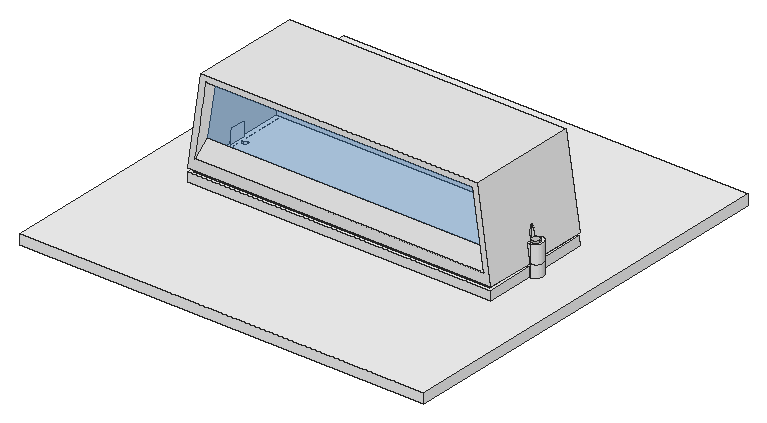
Revit family "BE_22365_de_DE", category Leuchten, Revit 2020
Family settings
  Basisbauteil = Fläche
  Bemaßung runder Anschluss = Durchmesser verwenden
  Teiletyp = Normal
  Beim Laden mit Abzugskörper schneiden = Ja
  Lichtquelle = Ja
  Gemeinsam genutzt = Nein
  Raumberechnungspunkt = Ja
Parameters (values of type "BEGA_22365_Weiß_K4")
  built-in parameter 1150104 = 11.679 (stored number, unit not read)
  Wattage = 21 W
  Default Elevation = 0 mm
  built-in parameter 1150113 = 1 (stored number, unit not read)
  built-in parameter 1114218 = 1 (stored number, unit not read)
  Umgebungstemperatur = "25 °C"
  URL = "https://www.bega.com/de/produkt/22365"
  Typenkommentare = "© 2022 BEGA. Wir behalten uns das Recht vor, technische Änderungen ohne vorherige Ankündigung vorzunehmen."  # constant formula
  Type Image = 22365.png
  built-in parameter 1150134 = 12
  built-in parameter 1150109 = 1 (stored number, unit not read)
  Strom = ""
  built-in parameter 1150110 = 1 (stored number, unit not read)
  Spannung = 239.996 V
  Sonderanfertigung = no
  Seriennummer [instance] = "Hier können Sie die eindeutige Seriennummer für das Facility Management eintragen."
  Schutzklasse = "I"
  Schutzart = "IP 65"
  Scheinlast = 0 VA
  Produktdatenblatt = "https://cdn.bega.com/bega/products/22365AK3/current/documents/data-sheets/de"
  Oberflächentemperatur = ""
  Neigungswinkel = 0.00°
  Modell = "22365WK4"
  Material_10 = BEGA_Glas_matt
  Material_06 = BEGA_Oberfläche_Edelstahl_gebürstet
  Material_03 = BEGA_Oberfläche_Weiss_matt
  Material_02 = BEGA_Oberfläche_Silber_matt
  Material_01 [instance] = BEGA_Oberfläche_Grafit_matt
  M_W = yes
  M_G = no
  M_A = no
  Logo = 0
  built-in parameter 1114217 = 1 (stored number, unit not read)
  built-in parameter 1150139 = (empty or 0)
  built-in parameter 1150105 = 210.08 (stored number, unit not read)
  built-in parameter 1150114 = 1 (stored number, unit not read)
  Lumens = 2639.91 lm
  built-in parameter 1150115 = 1 (stored number, unit not read)
  Leuchtenlichtstrom = "1516 lm"
  Leuchtenanzahl = ""
  Lebensdauerkriterien = "L70B50 @ 25 °C = 200000 h"
  Lastklassifizierung = Beleuchtung
  built-in parameter 1150112 = 1 (stored number, unit not read)
  Lampenlichtstrom = "2990 lm"
  Lampe = "LED 15.4 W"
  LED_Modulbezeichnung = "2xLED-1329/840"
  built-in parameter 1150142 = (empty or 0)
  Hersteller = "BEGA"  # constant formula
  Halbstreuwinkel = ""
  Gewicht = "1.95 kg"
  Gebrauchslageneinschränkung [instance] = ""
  Frequenz = "0/50-60 Hz"
  Farbwiedergabeindex = "CRI > 80"
  Farbtemperaturverschiebung bei Dämpfen der Lampe = <Keine Auswahl>
  Farbtemperatur = "4000 K"
  Color Filter = 16777215
  built-in parameter 1150133 = 10 (stored number, unit not read)
  Energieeffizienzklasse = "LED A++ - A"
  built-in parameter 1150137 = (empty or 0)
  built-in parameter 1150132 = (empty or 0)
  ENEC = "ja"
  Datei für fotometrisches Netz = "BE_22365K4.IES"
  CE_Konformität = "ja"
  Bestellnummer = "22365WK4"
  Beschreibung_Sonderanfertigung = "Hier können Sie Informationen zur Sonderanfertigung eintragen."
  Beschreibung = "Wandleuchte"
  built-in parameter 1150106 = 2.1008 (stored number, unit not read)
  Befestigungsbohrung = "Ø 5 mm"
  Befestigungsabstand = "274 mm"
  Ballwurfsicher = ""
  BEGA_Intern_aus = yes
  BEGA_Intern_an = yes
  BEGA_Intern_Konstruktion = yes
  BEGA_Intern = yes
  BEGA_IES = yes
  BEGA_Dummy = no
  Anschlussleitung = ""
  Anschlussleistung [instance] = "17.5 W"
  built-in parameter 1150107 = 4000 (stored number, unit not read)
  built-in parameter 1150102 = (empty or 0)
  built-in parameter 1150138 = (empty or 0)
  Aktualisierung = "2022-05-18T04:00:07"
  Abstand_zur_angestrahlten_Fläche [instance] = ""
  AC/DC = "AC/DC"
Types (6, lengths in mm): name | built-in parameter 1150104 | built-in parameter 1150134 | Modell | M_W | M_G | M_A | built-in parameter 1150105 | Lumens | Leuchtenlichtstrom | Lampenlichtstrom | LED_Modulbezeichnung | Farbtemperatur | Datei für fotometrisches Netz | Bestellnummer | built-in parameter 1150106 | built-in parameter 1150107
  BEGA_22365_Silber_K3 | 10.883 (stored number, unit not read) | (empty or 0) | "22365AK3" | no | no | yes | 195.76 (stored number, unit not read) | 2459.94 lm | "1496 lm" | "2950 lm" | "2xLED-1329/830" | "3000 K" | "BE_22365K3.IES" | "22365AK3" | 1.9576 (stored number, unit not read) | 3000 (stored number, unit not read)
  BEGA_22365_Weiß_K3 | 10.883 (stored number, unit not read) | (empty or 0) | "22365WK3" | yes | no | no | 195.76 (stored number, unit not read) | 2459.94 lm | "1496 lm" | "2950 lm" | "2xLED-1329/830" | "3000 K" | "BE_22365K3.IES" | "22365WK3" | 1.9576 (stored number, unit not read) | 3000 (stored number, unit not read)
  BEGA_22365_Weiß_K4 | 11.679 (stored number, unit not read) | 12 | "22365WK4" | yes | no | no | 210.08 (stored number, unit not read) | 2639.91 lm | "1516 lm" | "2990 lm" | "2xLED-1329/840" | "4000 K" | "BE_22365K4.IES" | "22365WK4" | 2.1008 (stored number, unit not read) | 4000 (stored number, unit not read)
  BEGA_22365_Grafit_K4 | 11.679 (stored number, unit not read) | 12 | "22365K4" | no | yes | no | 210.08 (stored number, unit not read) | 2639.91 lm | "1516 lm" | "2990 lm" | "2xLED-1329/840" | "4000 K" | "BE_22365K4.IES" | "22365K4" | 2.1008 (stored number, unit not read) | 4000 (stored number, unit not read)
  BEGA_22365_Silber_K4 | 11.679 (stored number, unit not read) | 12 | "22365AK4" | no | no | yes | 210.08 (stored number, unit not read) | 2639.91 lm | "1516 lm" | "2990 lm" | "2xLED-1329/840" | "4000 K" | "BE_22365K4.IES" | "22365AK4" | 2.1008 (stored number, unit not read) | 4000 (stored number, unit not read)
  BEGA_22365_Grafit_K3 | 10.883 (stored number, unit not read) | (empty or 0) | "22365K3" | no | yes | no | 195.76 (stored number, unit not read) | 2459.94 lm | "1496 lm" | "2950 lm" | "2xLED-1329/830" | "3000 K" | "BE_22365K3.IES" | "22365K3" | 1.9576 (stored number, unit not read) | 3000 (stored number, unit not read)
Reference planes
  plane 1 "Mitte (Vorne/Hinten)": y = 0
  plane 2: z = 0
  plane 3 "Mitte (Links/Rechts)": x = 0
  plane 4 "Links": x = -157.404
  plane 5 "Rechts": x = 157.404
  plane 6 "Unten": y = -55
  plane 7 "Oben": y = 55
  plane 8 "Vorne": z = 100
Forms (mm)
  Extrusion 1, solid, material "BEGA_Platte_Weiss"
    sketch origin (0, -1119.2, 0) x (1, 0, 0) y (0, 1, 0)
      loop
        line (-200, 1319.2) -> (-200, 919.2) -> (200, 919.2) -> (200, 1319.2) -> (-200, 1319.2)
    from 0 to -10
  Extrusion 2, solid, material "BEGA_Dummy_matt", visible <- "BEGA_Dummy"
    sketch origin (80.095, -76.023, 0) x (1, 0, 0) y (0, 1, 0)
      loop
        line (-237.5, 131.023) -> (-237.5, 21.023) -> (77.309, 21.023) -> (77.309, 131.023) -> (-237.5, 131.023)
    from 0 to 100
Dimensions and locks
  plane 1 "Mitte (Vorne/Hinten)" to Extrusion 1 = 200 mm
  aligned and locked: plane 2 to Extrusion 1
  aligned and locked: level to Extrusion 1
Nested families
  nested 1: "BE_22365" at (0, 0, 0) x (-1, 0, 0) z (0, 0, 1), type "BE_22365"
Connectors
  electrical at (0, 0, 0), driven by "Lastklassifizierung", driven by "Spannung", driven by "Scheinlast"
    settings: index 1, voltage 239.996 V, apparent load 0 VA, apparent load phase1 0 VA, apparent load phase2 0 VA, apparent load phase3 0 VA, power factor 1, load classification "Beleuchtung", number of poles 1, system type 31, power factor state 1, is connector primary yes, connector utility no, sub classification motor no, connector description ""
Definition of nested family "BE_22365"
  Parameters (values of type "BE_22365")
    Default Elevation = 1 mm
    URL = "http://www.bega.de/de/produkt"
    Type Comments = "© 2015 BEGA. Wir behalten uns das Recht vor, technische Änderungen ohne vorherige Ankündigung vorzunehmen. "  # constant formula
    Type Image = (empty or 0)
    Material_17 = none
    Material_15 = none
    Material_11 = none
    Material_10 = none
    Material_09 = none
    Material_06 = none
    Material_03 = none
    Material_02 = none
    Material_01 = none
    M_W = yes
    M_G = yes
    M_A = yes
    Länge_Platte = 400 mm  # constant formula
    Höhe_Platte = -10 mm  # constant formula
    Manufacturer = "BEGA"  # constant formula
    Breite_Platte = 200 mm  # constant formula
  Reference planes
    plane 1 "Mitte (Oben/Unten)": y = 0
    plane 2: z = 0
    plane 3 "Mitte (Links/Rechts)": x = 0
    plane 4 "Vorne": z = 100
    plane 5 "Hinten": z = 0
    plane 6 "Unten": y = -55
    plane 7: x = -157.404
    plane 8: x = 157.404
    plane 9: y = 55
  Forms (mm)
    Extrusion 1, solid, detail levels medium
      sketch origin (0, 0, 0) x (1, 0, 0) y (0, 1, 0)
        loop
          line (-200, 100) -> (-200, -100) -> (200, -100) -> (200, 100) -> (-200, 100)
      from 0 to -10 <- "Höhe_Platte"
    Extrusion 2, solid, material <- "Material_01", visible <- "M_G", detail levels medium+fine
      sketch origin (0, 0, 0) x (1, 0, 0) y (0, 0, 1)
        loop
          line (-136.735, 100) -> (-149.904, 12) -> (150.096, 12) -> (136.926, 100) -> (-136.735, 100)
      from 50.068 to 54.6
    Extrusion 3, solid, material <- "Material_01", visible <- "M_G", detail levels medium+fine
      sketch origin (0, 0, 0) x (1, 0, 0) y (0, 0, -1)
        loop
          line (-136.735, -100) -> (136.926, -100) -> (150.096, -12) -> (-149.904, -12) -> (-136.735, -100)
      from 48.491 to 54.6
    Extrusion 4, solid, material <- "Material_01", visible <- "M_G", detail levels medium+fine
      sketch origin (0, 0, 0) x (1, 0, 0) y (0, 0, 1)
        loop
          line (-136.735, 100) -> (-149.904, 12) -> (-145.295, 12) -> (-132.125, 100) -> (-136.735, 100)
        loop
          line (136.926, 100) -> (134.187, 100) -> (147.357, 12) -> (150.096, 12) -> (136.926, 100)
      from -54.6 to 54.6
    Extrusion 5, solid, material <- "Material_01", visible <- "M_G", detail levels medium+fine
      sketch origin (0, 0, 0) x (0, 1, 0) y (0, 0, 1)
        loop
          line (54.6, 100) -> (-54.6, 100) -> (-54.6, 97) -> (54.6, 97) -> (54.6, 100)
      from -135.181 to 135.412
    Sweep 6, solid, material <- "Material_01", visible <- "M_G", detail levels medium+fine
      path origin (0, 0, 0) x (1, 0, 0) y (0, 1, 0)
        loop
          line (150.096, 55) -> (-149.904, 55) -> (-149.904, -55) -> (150.096, -55) -> (150.096, 55)
      profile origin (150.096, 0, 0) x (1, 0, 0) y (0, 0, 1)
        loop
          line (0, 0) -> (-0.314, 9) -> (-3.226, 9) -> (-3.425, 14.7) -> (-11, 14.7) -> (-11, 12.4) -> (-6.612, 12.4) -> (-2.502, 5.735) -> (-2.301, 0) -> (0, 0)
    Extrusion 7, solid, material <- "Material_01", visible <- "M_G", detail levels medium+fine
      sketch origin (0, 0, 0) x (1, 0, 0) y (0, 1, 0)
        loop
          line (-138.904, 44) -> (-138.904, -44) -> (139.096, -44) -> (139.096, 44) -> (-138.904, 44)
      from 12.4 to 14.7
    Extrusion 8, solid, material <- "Material_01", visible <- "M_G", detail levels medium+fine
      sketch origin (0, 0, 0) x (1, 0, 0) y (0, 1, 0)
        loop
          arc (-149.904, 7.5) -> (-157.404, 0) -> (-149.904, -7.5) r 7.5
          line (-149.904, -7.5) -> (-144.904, -7.5) -> (-144.904, 7.5) -> (-149.904, 7.5)
        loop
          line (149.904, 7.5) -> (144.904, 7.5) -> (144.904, -7.5) -> (149.904, -7.5)
          arc (149.904, -7.5) -> (157.404, 0) -> (149.904, 7.5) r 7.5
      from 0 to 11.999
    Extrusion 9, solid, material <- "Material_01", visible <- "M_G", detail levels medium+fine
      sketch origin (0, 0, 0) x (1, 0, 0) y (0, 1, 0)
        loop
          line (-144.904, 7.5) -> (-149.904, 7.5)
          arc (-149.904, 7.5) -> (-157.404, 0) -> (-149.904, -7.5) r 7.5
          line (-149.904, -7.5) -> (-144.904, -7.5) -> (-144.904, 7.5)
        loop
          line (144.904, 7.5) -> (144.904, -7.5) -> (149.904, -7.5)
          arc (149.904, -7.5) -> (157.404, 0) -> (149.904, 7.5) r 7.5
          line (149.904, 7.5) -> (144.904, 7.5)
      from 12.064 to 29.5
    Extrusion 10, solid, material <- "Material_02", visible <- "M_A", detail levels medium+fine
      sketch origin (0, 0, 0) x (1, 0, 0) y (0, 0, 1)
        loop
          line (-136.735, 100) -> (-149.904, 12) -> (150.096, 12) -> (136.926, 100) -> (-136.735, 100)
      from 50.068 to 54.6
    Extrusion 11, solid, material <- "Material_02", visible <- "M_A", detail levels medium+fine
      sketch origin (0, 0, 0) x (1, 0, 0) y (0, 0, -1)
        loop
          line (-136.735, -100) -> (136.926, -100) -> (150.096, -12) -> (-149.904, -12) -> (-136.735, -100)
      from 48.491 to 54.6
    Extrusion 12, solid, material <- "Material_02", visible <- "M_A", detail levels medium+fine
      sketch origin (0, 0, 0) x (1, 0, 0) y (0, 0, 1)
        loop
          line (-136.735, 100) -> (-149.904, 12) -> (-145.295, 12) -> (-132.125, 100) -> (-136.735, 100)
        loop
          line (136.926, 100) -> (134.187, 100) -> (147.357, 12) -> (150.096, 12) -> (136.926, 100)
      from -54.6 to 54.6
    Extrusion 13, solid, material <- "Material_02", visible <- "M_A", detail levels medium+fine
      sketch origin (0, 0, 0) x (0, 1, 0) y (0, 0, 1)
        loop
          line (54.6, 100) -> (-54.6, 100) -> (-54.6, 97) -> (54.6, 97) -> (54.6, 100)
      from -135.181 to 135.412
    Extrusion 14, solid, material <- "Material_02", visible <- "M_A", detail levels medium+fine
      sketch origin (0, 0, 0) x (1, 0, 0) y (0, 1, 0)
        loop
          line (-144.904, 7.5) -> (-149.904, 7.5)
          arc (-149.904, 7.5) -> (-157.404, 0) -> (-149.904, -7.5) r 7.5
          line (-149.904, -7.5) -> (-144.904, -7.5) -> (-144.904, 7.5)
        loop
          line (144.904, 7.5) -> (144.904, -7.5) -> (149.904, -7.5)
          arc (149.904, -7.5) -> (157.404, 0) -> (149.904, 7.5) r 7.5
          line (149.904, 7.5) -> (144.904, 7.5)
      from 12.064 to 29.5
    Extrusion 15, solid, material <- "Material_03", visible <- "M_W", detail levels medium+fine
      sketch origin (0, 0, 0) x (1, 0, 0) y (0, 0, 1)
        loop
          line (-136.735, 100) -> (-149.904, 12) -> (150.096, 12) -> (136.926, 100) -> (-136.735, 100)
      from 50.068 to 54.6
    Extrusion 16, solid, material <- "Material_03", visible <- "M_W", detail levels medium+fine
      sketch origin (0, 0, 0) x (1, 0, 0) y (0, 0, -1)
        loop
          line (-136.735, -100) -> (136.926, -100) -> (150.096, -12) -> (-149.904, -12) -> (-136.735, -100)
      from 48.491 to 54.6
    Extrusion 17, solid, material <- "Material_03", visible <- "M_W", detail levels medium+fine
      sketch origin (0, 0, 0) x (1, 0, 0) y (0, 0, 1)
        loop
          line (-136.735, 100) -> (-149.904, 12) -> (-145.295, 12) -> (-132.125, 100) -> (-136.735, 100)
        loop
          line (136.926, 100) -> (134.187, 100) -> (147.357, 12) -> (150.096, 12) -> (136.926, 100)
      from -54.6 to 54.6
    Extrusion 18, solid, material <- "Material_03", visible <- "M_W", detail levels medium+fine
      sketch origin (0, 0, 0) x (0, 1, 0) y (0, 0, 1)
        loop
          line (54.6, 100) -> (-54.6, 100) -> (-54.6, 97) -> (54.6, 97) -> (54.6, 100)
      from -135.181 to 135.412
    Extrusion 19, solid, material <- "Material_03", visible <- "M_W", detail levels medium+fine
      sketch origin (0, 0, 0) x (1, 0, 0) y (0, 1, 0)
        loop
          line (-144.904, 7.5) -> (-149.904, 7.5)
          arc (-149.904, 7.5) -> (-157.404, 0) -> (-149.904, -7.5) r 7.5
          line (-149.904, -7.5) -> (-144.904, -7.5) -> (-144.904, 7.5)
        loop
          line (144.904, 7.5) -> (144.904, -7.5) -> (149.904, -7.5)
          arc (149.904, -7.5) -> (157.404, 0) -> (149.904, 7.5) r 7.5
          line (149.904, 7.5) -> (144.904, 7.5)
      from 12.064 to 29.5
    Sweep 20, solid, material <- "Material_02", visible <- "M_A", detail levels medium+fine
      path origin (0, 0, 0) x (1, 0, 0) y (0, 1, 0)
        loop
          line (150.096, 55) -> (-149.904, 55) -> (-149.904, -55) -> (150.096, -55) -> (150.096, 55)
      profile origin (150.096, 0, 0) x (1, 0, 0) y (0, 0, 1)
        loop
          line (0, 0) -> (-0.314, 9) -> (-3.226, 9) -> (-3.425, 14.7) -> (-11, 14.7) -> (-11, 12.4) -> (-6.612, 12.4) -> (-2.502, 5.735) -> (-2.301, 0) -> (0, 0)
    Extrusion 21, solid, material <- "Material_02", visible <- "M_A", detail levels medium+fine
      sketch origin (0, 0, 0) x (1, 0, 0) y (0, 1, 0)
        loop
          line (-138.904, 44) -> (-138.904, -44) -> (139.096, -44) -> (139.096, 44) -> (-138.904, 44)
      from 12.4 to 14.7
    Extrusion 22, solid, material <- "Material_02", visible <- "M_A", detail levels medium+fine
      sketch origin (0, 0, 0) x (1, 0, 0) y (0, 1, 0)
        loop
          arc (-149.904, 7.5) -> (-157.404, 0) -> (-149.904, -7.5) r 7.5
          line (-149.904, -7.5) -> (-144.904, -7.5) -> (-144.904, 7.5) -> (-149.904, 7.5)
        loop
          line (149.904, 7.5) -> (144.904, 7.5) -> (144.904, -7.5) -> (149.904, -7.5)
          arc (149.904, -7.5) -> (157.404, 0) -> (149.904, 7.5) r 7.5
      from 0 to 11.999
    Sweep 23, solid, material <- "Material_03", visible <- "M_W", detail levels medium+fine
      path origin (0, 0, 0) x (1, 0, 0) y (0, 1, 0)
        loop
          line (150.096, 55) -> (-149.904, 55) -> (-149.904, -55) -> (150.096, -55) -> (150.096, 55)
      profile origin (150.096, 0, 0) x (1, 0, 0) y (0, 0, 1)
        loop
          line (0, 0) -> (-0.314, 9) -> (-3.226, 9) -> (-3.425, 14.7) -> (-11, 14.7) -> (-11, 12.4) -> (-6.612, 12.4) -> (-2.502, 5.735) -> (-2.301, 0) -> (0, 0)
    Extrusion 24, solid, material <- "Material_03", visible <- "M_W", detail levels medium+fine
      sketch origin (0, 0, 0) x (1, 0, 0) y (0, 1, 0)
        loop
          line (-138.904, 44) -> (-138.904, -44) -> (139.096, -44) -> (139.096, 44) -> (-138.904, 44)
      from 12.4 to 14.7
    Extrusion 25, solid, material <- "Material_03", visible <- "M_W", detail levels medium+fine
      sketch origin (0, 0, 0) x (1, 0, 0) y (0, 1, 0)
        loop
          arc (-149.904, 7.5) -> (-157.404, 0) -> (-149.904, -7.5) r 7.5
          line (-149.904, -7.5) -> (-144.904, -7.5) -> (-144.904, 7.5) -> (-149.904, 7.5)
        loop
          line (149.904, 7.5) -> (144.904, 7.5) -> (144.904, -7.5) -> (149.904, -7.5)
          arc (149.904, -7.5) -> (157.404, 0) -> (149.904, 7.5) r 7.5
      from 0 to 11.999
    Blend 26, void
      base sketch origin (0, 0, 0) x (1, 0, 0) y (0, 0, 1)
        loop
          line (-139.074, 41.679) -> (139.266, 41.679) -> (131.499, 93.579) -> (-131.308, 93.579) -> (-139.074, 41.679)
      top sketch origin (0, 0, 0) x (1, 0, 0) y (0, 0, 1)
        loop
          line (141.287, 40.059) -> (132.999, 95.441) -> (-132.807, 95.441) -> (-141.096, 40.059) -> (141.287, 40.059)
      from 49.563 to 54.6
    Blend 27, void
      base sketch origin (0, 0, 0) x (1, 0, 0) y (0, 0, 1)
        loop
          line (-135.565, 41.448) -> (135.565, 41.448) -> (128.219, 90.003) -> (-128.219, 90.003) -> (-135.565, 41.448)
      top sketch origin (0, 0, 0) x (1, 0, 0) y (0, 0, 1)
        loop
          line (-142.942, 22) -> (142.942, 22) -> (132.092, 94.5) -> (-132.092, 94.5) -> (-142.942, 22)
      from -48.275 to -54.767
    Extrusion 28, solid, material <- "Material_10", detail levels medium+fine
      sketch origin (0, 0, 0) x (1, 0, 0) y (0, 0, 1)
        loop
          line (-131.814, 94.288) -> (-139.718, 41.212) -> (139.948, 41.212) -> (132.005, 94.288) -> (-131.814, 94.288)
      from 50.3 to 54.3
    Extrusion 29, solid, material <- "Material_10", detail levels medium+fine
      sketch origin (0, 0, 0) x (1, 0, 0) y (0, 0, 1)
        loop
          line (-132.694, 96.2) -> (-141.625, 36.523) -> (143.687, 36.523) -> (134.756, 96.2) -> (-132.694, 96.2)
      from -47.074 to -42.898
    Revolve 30, void
      sketch origin (0, 0, 0) x (1, 0, 0) y (0, 0, 1)
        loop
          line (-152.304, -1.585) -> (-149.904, -1.585) -> (-149.904, 44.505) -> (-154.454, 44.505) -> (-154.454, 25.7) -> (-152.304, 25.7) -> (-152.304, -1.585)
        axis (-149.904, -1.585) -> (-149.904, 44.505)
      angle from 0 to 360
    Revolve 31, void
      sketch origin (0, 0, 0) x (-1, 0, 0) y (0, 0, 1)
        loop
          line (-152.304, -1.585) -> (-149.904, -1.585) -> (-149.904, 45.446) -> (-154.454, 45.446) -> (-154.454, 25.7) -> (-152.304, 25.7) -> (-152.304, -1.585)
        axis (-149.904, -1.585) -> (-149.904, 45.446)
      angle from 0 to 360
    Extrusion 32, solid, material <- "Material_06", detail levels fine
      sketch origin (0, 0, 0) x (1, 0, 0) y (0, 1, 0)
        loop
          circle (-149.904, 0) r 4.25
        loop
          circle (149.904, 0) r 4.25
      from 25.7 to 30.7
    Extrusion 33, void
      sketch origin (0, 0, 0) x (1, 0, 0) y (0, 1, 0)
        loop
          circle (-137, 0) r 2.4
        loop
          circle (137, 0) r 2.4
        loop
          circle (-30.02, 32.956) r 8.5
        loop
          circle (29.98, 32.956) r 8.5
      from 0 to 18.103
  Cuts and joins
    Blend 26, Revolve 30, Revolve 31, Extrusion 33 cuts Extrusion 2
    Blend 27, Revolve 30, Revolve 31, Extrusion 33 cuts Extrusion 3
    Revolve 30, Revolve 31, Extrusion 33 cuts Extrusion 4
    Revolve 30, Revolve 31, Extrusion 33 cuts Extrusion 5
    Revolve 30, Revolve 31, Extrusion 33 cuts Extrusion 9
    joined: Extrusion 2, Extrusion 3, Extrusion 4, Extrusion 5, Extrusion 9
    Revolve 30, Revolve 31, Extrusion 33 cuts Sweep 6
    Revolve 30, Revolve 31, Extrusion 33 cuts Extrusion 7
    Revolve 30, Revolve 31, Extrusion 33 cuts Extrusion 8
    joined: Sweep 6, Extrusion 7, Extrusion 8
    Blend 26, Blend 27, Revolve 30, Revolve 31, Extrusion 33 cuts Extrusion 10
    Blend 27, Revolve 30, Revolve 31, Extrusion 33 cuts Extrusion 11
    Blend 27, Revolve 30, Revolve 31, Extrusion 33 cuts Extrusion 12
    Blend 27, Revolve 30, Revolve 31, Extrusion 33 cuts Extrusion 13
    Blend 27, Revolve 30, Revolve 31, Extrusion 33 cuts Extrusion 14
    joined: Extrusion 10, Extrusion 11, Extrusion 12, Extrusion 13, Extrusion 14
    Blend 26, Revolve 30, Revolve 31, Extrusion 33 cuts Extrusion 15
    Blend 26, Blend 27, Revolve 30, Revolve 31, Extrusion 33 cuts Extrusion 16
    Blend 26, Revolve 30, Revolve 31, Extrusion 33 cuts Extrusion 17
    Blend 26, Revolve 30, Revolve 31, Extrusion 33 cuts Extrusion 18
    Blend 26, Revolve 30, Revolve 31, Extrusion 33 cuts Extrusion 19
    joined: Extrusion 15, Extrusion 16, Extrusion 17, Extrusion 18, Extrusion 19
    Revolve 30, Revolve 31, Extrusion 33 cuts Sweep 20
    Revolve 30, Revolve 31, Extrusion 33 cuts Extrusion 21
    Revolve 30, Revolve 31, Extrusion 33 cuts Extrusion 22
    joined: Sweep 20, Extrusion 21, Extrusion 22
    Revolve 30, Revolve 31, Extrusion 33 cuts Sweep 23
    Revolve 30, Revolve 31, Extrusion 33 cuts Extrusion 24
    Revolve 30, Revolve 31, Extrusion 33 cuts Extrusion 25
    joined: Sweep 23, Extrusion 24, Extrusion 25
  Dimensions and locks
    equal spacing: Extrusion 1 sketch curve, plane 3 "Mitte (Links/Rechts)", Extrusion 1 sketch curve
    equal spacing: Extrusion 1 sketch curve, plane 1 "Mitte (Oben/Unten)", Extrusion 1 sketch curve
    "Länge_Platte": Extrusion 1 sketch curve to Extrusion 1 sketch curve
    "Breite_Platte": Extrusion 1 sketch curve to Extrusion 1 sketch curve
    aligned and locked: plane 2 to Extrusion 1
    aligned and locked: level to Extrusion 1
  Automatic sketch dimensions
    level to Extrusion 2 sketch curve = 12 mm
    Extrusion 2 sketch curve to Extrusion 2 sketch curve = 88 mm
    level to Extrusion 3 sketch curve = 12 mm
    Extrusion 3 sketch curve to Extrusion 3 sketch curve = 88 mm
    level to Extrusion 4 sketch curve = 12 mm  (x2)
    Extrusion 4 sketch curve to Extrusion 4 sketch curve = 4.61 mm  (x2)
    Extrusion 4 sketch curve to Extrusion 4 sketch curve = 2.739 mm  (x2)
    Extrusion 4 sketch curve to Extrusion 4 sketch curve = 88 mm  (x2)
    plane 1 "Mitte (Oben/Unten)" to Extrusion 5 sketch curve = 54.6 mm
    Extrusion 5 sketch curve to plane 1 "Mitte (Oben/Unten)" = 54.6 mm
    level to Extrusion 5 sketch curve = 97 mm
    Extrusion 5 sketch curve to Extrusion 5 sketch curve = 3 mm
    plane 1 "Mitte (Oben/Unten)" to Sweep 6 sketch curve = 55 mm
    Sweep 6 sketch curve to plane 1 "Mitte (Oben/Unten)" = 55 mm
    Sweep 6 sketch curve to level = 0 mm
    profile plane to Sweep 6 sketch curve = 0 mm
    profile plane to Sweep 6 sketch curve = 0.314 mm
    profile plane to Sweep 6 sketch curve = 2.301 mm
    profile plane to Sweep 6 sketch curve = 2.502 mm
    Sweep 6 sketch curve to Sweep 6 sketch curve = 2.912 mm
    profile plane to Sweep 6 sketch curve = 3.425 mm
    Sweep 6 sketch curve to Sweep 6 sketch curve = 3.187 mm
    Sweep 6 sketch curve to Sweep 6 sketch curve = 4.388 mm
    level to Sweep 6 sketch curve = 5.735 mm
    Sweep 6 sketch curve to Sweep 6 sketch curve = 3.265 mm
    Sweep 6 sketch curve to Sweep 6 sketch curve = 3.4 mm
    Sweep 6 sketch curve to Sweep 6 sketch curve = 2.3 mm
    plane 1 "Mitte (Oben/Unten)" to Extrusion 7 sketch curve = 44 mm
    Extrusion 7 sketch curve to plane 1 "Mitte (Oben/Unten)" = 44 mm
    plane 1 "Mitte (Oben/Unten)" to Extrusion 8 sketch curve = 0 mm  (x2)
    plane 1 "Mitte (Oben/Unten)" to Extrusion 8 sketch curve = 7.5 mm  (x2)
    Extrusion 8 sketch curve to Extrusion 8 sketch curve = 5 mm  (x2)
    plane 1 "Mitte (Oben/Unten)" to Extrusion 9 sketch curve = 0 mm  (x2)
    Extrusion 9 sketch curve to plane 1 "Mitte (Oben/Unten)" = 7.5 mm  (x2)
    Extrusion 9 sketch curve to Extrusion 9 sketch curve = 5 mm  (x2)
    level to Extrusion 10 sketch curve = 12 mm
    Extrusion 10 sketch curve to Extrusion 10 sketch curve = 88 mm
    level to Extrusion 11 sketch curve = 12 mm
    Extrusion 11 sketch curve to Extrusion 11 sketch curve = 88 mm
    level to Extrusion 12 sketch curve = 12 mm  (x2)
    Extrusion 12 sketch curve to Extrusion 12 sketch curve = 4.61 mm  (x2)
    Extrusion 12 sketch curve to Extrusion 12 sketch curve = 2.739 mm  (x2)
    Extrusion 12 sketch curve to Extrusion 12 sketch curve = 88 mm  (x2)
    plane 1 "Mitte (Oben/Unten)" to Extrusion 13 sketch curve = 54.6 mm
    Extrusion 13 sketch curve to plane 1 "Mitte (Oben/Unten)" = 54.6 mm
    level to Extrusion 13 sketch curve = 97 mm
    Extrusion 13 sketch curve to Extrusion 13 sketch curve = 3 mm
    plane 1 "Mitte (Oben/Unten)" to Extrusion 14 sketch curve = 0 mm  (x2)
    Extrusion 14 sketch curve to plane 1 "Mitte (Oben/Unten)" = 7.5 mm  (x2)
    Extrusion 14 sketch curve to Extrusion 14 sketch curve = 5 mm  (x2)
    level to Extrusion 15 sketch curve = 12 mm
    Extrusion 15 sketch curve to Extrusion 15 sketch curve = 88 mm
    level to Extrusion 16 sketch curve = 12 mm
    Extrusion 16 sketch curve to Extrusion 16 sketch curve = 88 mm
    level to Extrusion 17 sketch curve = 12 mm  (x2)
    Extrusion 17 sketch curve to Extrusion 17 sketch curve = 4.61 mm  (x2)
    Extrusion 17 sketch curve to Extrusion 17 sketch curve = 2.739 mm  (x2)
    Extrusion 17 sketch curve to Extrusion 17 sketch curve = 88 mm  (x2)
    plane 1 "Mitte (Oben/Unten)" to Extrusion 18 sketch curve = 54.6 mm
    Extrusion 18 sketch curve to plane 1 "Mitte (Oben/Unten)" = 54.6 mm
    level to Extrusion 18 sketch curve = 97 mm
    Extrusion 18 sketch curve to Extrusion 18 sketch curve = 3 mm
    plane 1 "Mitte (Oben/Unten)" to Extrusion 19 sketch curve = 0 mm  (x2)
    Extrusion 19 sketch curve to plane 1 "Mitte (Oben/Unten)" = 7.5 mm  (x2)
    Extrusion 19 sketch curve to Extrusion 19 sketch curve = 5 mm  (x2)
    plane 1 "Mitte (Oben/Unten)" to Sweep 20 sketch curve = 55 mm
    Sweep 20 sketch curve to plane 1 "Mitte (Oben/Unten)" = 55 mm
    Sweep 20 sketch curve to level = 0 mm
    profile plane to Sweep 20 sketch curve = 0 mm
    profile plane to Sweep 20 sketch curve = 0.314 mm
    profile plane to Sweep 20 sketch curve = 2.301 mm
    profile plane to Sweep 20 sketch curve = 2.502 mm
    Sweep 20 sketch curve to Sweep 20 sketch curve = 2.912 mm
    profile plane to Sweep 20 sketch curve = 3.425 mm
    Sweep 20 sketch curve to Sweep 20 sketch curve = 3.187 mm
    Sweep 20 sketch curve to Sweep 20 sketch curve = 4.388 mm
    level to Sweep 20 sketch curve = 5.735 mm
    Sweep 20 sketch curve to Sweep 20 sketch curve = 3.265 mm
    Sweep 20 sketch curve to Sweep 20 sketch curve = 3.4 mm
    Sweep 20 sketch curve to Sweep 20 sketch curve = 2.3 mm
    plane 1 "Mitte (Oben/Unten)" to Extrusion 21 sketch curve = 44 mm
    Extrusion 21 sketch curve to plane 1 "Mitte (Oben/Unten)" = 44 mm
    plane 1 "Mitte (Oben/Unten)" to Extrusion 22 sketch curve = 0 mm  (x2)
    plane 1 "Mitte (Oben/Unten)" to Extrusion 22 sketch curve = 7.5 mm  (x2)
    Extrusion 22 sketch curve to Extrusion 22 sketch curve = 5 mm  (x2)
    plane 1 "Mitte (Oben/Unten)" to Sweep 23 sketch curve = 55 mm
    Sweep 23 sketch curve to plane 1 "Mitte (Oben/Unten)" = 55 mm
    Sweep 23 sketch curve to level = 0 mm
    profile plane to Sweep 23 sketch curve = 0 mm
    profile plane to Sweep 23 sketch curve = 0.314 mm
    profile plane to Sweep 23 sketch curve = 2.301 mm
    profile plane to Sweep 23 sketch curve = 2.502 mm
    Sweep 23 sketch curve to Sweep 23 sketch curve = 2.912 mm
    profile plane to Sweep 23 sketch curve = 3.425 mm
    Sweep 23 sketch curve to Sweep 23 sketch curve = 3.187 mm
    Sweep 23 sketch curve to Sweep 23 sketch curve = 4.388 mm
    level to Sweep 23 sketch curve = 5.735 mm
    Sweep 23 sketch curve to Sweep 23 sketch curve = 3.265 mm
    Sweep 23 sketch curve to Sweep 23 sketch curve = 3.4 mm
    Sweep 23 sketch curve to Sweep 23 sketch curve = 2.3 mm
    plane 1 "Mitte (Oben/Unten)" to Extrusion 24 sketch curve = 44 mm
    Extrusion 24 sketch curve to plane 1 "Mitte (Oben/Unten)" = 44 mm
    plane 1 "Mitte (Oben/Unten)" to Extrusion 25 sketch curve = 0 mm  (x2)
    plane 1 "Mitte (Oben/Unten)" to Extrusion 25 sketch curve = 7.5 mm  (x2)
    Extrusion 25 sketch curve to Extrusion 25 sketch curve = 5 mm  (x2)
    Blend 26 sketch curve to Blend 26 sketch curve = 7.767 mm  (x2)
    level to Blend 26 sketch curve = 41.679 mm
    Blend 26 sketch curve to Blend 26 sketch curve = 51.9 mm
    Blend 26 sketch curve to Blend 26 sketch curve = 8.288 mm  (x2)
    level to Blend 26 sketch curve = 40.059 mm
    Blend 26 sketch curve to Blend 26 sketch curve = 55.382 mm
    Blend 27 sketch curve to Blend 27 sketch curve = 7.346 mm  (x2)
    level to Blend 27 sketch curve = 41.448 mm
    Blend 27 sketch curve to Blend 27 sketch curve = 48.556 mm
    level to Blend 27 sketch curve = 22 mm
    Blend 27 sketch curve to Blend 27 sketch curve = 72.5 mm
    Extrusion 28 sketch curve to Extrusion 28 sketch curve = 7.904 mm
    Extrusion 28 sketch curve to Extrusion 28 sketch curve = 7.943 mm
    level to Extrusion 28 sketch curve = 41.212 mm
    Extrusion 28 sketch curve to Extrusion 28 sketch curve = 53.076 mm
    Extrusion 29 sketch curve to Extrusion 29 sketch curve = 8.931 mm  (x2)
    level to Extrusion 29 sketch curve = 36.523 mm
    Extrusion 29 sketch curve to Extrusion 29 sketch curve = 59.677 mm
    Revolve 30 sketch curve to level = 0 mm
    Revolve 30 sketch curve to level = 1.585 mm
    Revolve 30 sketch curve to Revolve 30 sketch curve = 2.15 mm
    Revolve 30 sketch curve to Revolve 30 sketch curve = 4.55 mm
    level to Revolve 30 sketch curve = 25.7 mm
    Revolve 30 sketch curve to Revolve 30 sketch curve = 18.805 mm
    Revolve 30 sketch curve to Revolve 30 sketch curve = 0 mm
    Revolve 30 sketch curve to Revolve 30 sketch curve = 4.223 mm
    Revolve 31 sketch curve to level = 0 mm
    level to Revolve 31 sketch curve = 1.585 mm
    Revolve 31 sketch curve to Revolve 31 sketch curve = 2.15 mm
    Revolve 31 sketch curve to Revolve 31 sketch curve = 4.55 mm
    Revolve 31 sketch curve to level = 25.7 mm
    Revolve 31 sketch curve to Revolve 31 sketch curve = 19.746 mm
    Revolve 31 sketch curve to Revolve 31 sketch curve = 0 mm
    Revolve 31 sketch curve to Revolve 31 sketch curve = 4.223 mm
    plane 1 "Mitte (Oben/Unten)" to Extrusion 32 sketch curve = 0 mm  (x2)
    plane 1 "Mitte (Oben/Unten)" to Extrusion 33 sketch curve = 0 mm  (x2)
    Extrusion 33 sketch curve to plane 3 "Mitte (Links/Rechts)" = 30.02 mm
    plane 3 "Mitte (Links/Rechts)" to Extrusion 33 sketch curve = 29.98 mm
    Extrusion 33 sketch curve to plane 1 "Mitte (Oben/Unten)" = 32.956 mm  (x2)
    Extrusion 2 sketch curve to plane 3 "Mitte (Links/Rechts)" = 136.735 mm
    Extrusion 2 sketch curve to Extrusion 2 sketch curve = 13.169 mm  (x2)
    Extrusion 3 sketch curve to plane 3 "Mitte (Links/Rechts)" = 136.735 mm
    Extrusion 3 sketch curve to Extrusion 3 sketch curve = 13.169 mm  (x2)
    Extrusion 4 sketch curve to plane 3 "Mitte (Links/Rechts)" = 132.125 mm
    Extrusion 4 sketch curve to Extrusion 4 sketch curve = 8.56 mm
    Sweep 6 sketch curve to plane 3 "Mitte (Links/Rechts)" = 149.904 mm
    Extrusion 7 sketch curve to plane 3 "Mitte (Links/Rechts)" = 138.904 mm
    Extrusion 8 sketch curve to plane 3 "Mitte (Links/Rechts)" = 144.904 mm
    Extrusion 9 sketch curve to plane 3 "Mitte (Links/Rechts)" = 144.904 mm
    Extrusion 10 sketch curve to plane 3 "Mitte (Links/Rechts)" = 136.735 mm
    Extrusion 10 sketch curve to Extrusion 10 sketch curve = 13.169 mm  (x2)
    Extrusion 11 sketch curve to plane 3 "Mitte (Links/Rechts)" = 136.735 mm
    Extrusion 11 sketch curve to Extrusion 11 sketch curve = 13.169 mm  (x2)
    Extrusion 12 sketch curve to plane 3 "Mitte (Links/Rechts)" = 132.125 mm
    Extrusion 12 sketch curve to Extrusion 12 sketch curve = 8.56 mm
    Extrusion 14 sketch curve to plane 3 "Mitte (Links/Rechts)" = 144.904 mm
    Extrusion 15 sketch curve to plane 3 "Mitte (Links/Rechts)" = 136.735 mm
    Extrusion 15 sketch curve to Extrusion 15 sketch curve = 13.169 mm  (x2)
    Extrusion 16 sketch curve to plane 3 "Mitte (Links/Rechts)" = 136.735 mm
    Extrusion 16 sketch curve to Extrusion 16 sketch curve = 13.169 mm  (x2)
    Extrusion 17 sketch curve to plane 3 "Mitte (Links/Rechts)" = 132.125 mm
    Extrusion 17 sketch curve to Extrusion 17 sketch curve = 8.56 mm
    Extrusion 19 sketch curve to plane 3 "Mitte (Links/Rechts)" = 144.904 mm
    Sweep 20 sketch curve to plane 3 "Mitte (Links/Rechts)" = 149.904 mm
    Extrusion 21 sketch curve to plane 3 "Mitte (Links/Rechts)" = 138.904 mm
    Extrusion 22 sketch curve to plane 3 "Mitte (Links/Rechts)" = 144.904 mm
    Sweep 23 sketch curve to plane 3 "Mitte (Links/Rechts)" = 149.904 mm
    Extrusion 24 sketch curve to plane 3 "Mitte (Links/Rechts)" = 138.904 mm
    Extrusion 25 sketch curve to plane 3 "Mitte (Links/Rechts)" = 144.904 mm
    Blend 26 sketch curve to plane 3 "Mitte (Links/Rechts)" = 131.308 mm
    Blend 26 sketch curve to plane 3 "Mitte (Links/Rechts)" = 132.807 mm
    Blend 27 sketch curve to plane 3 "Mitte (Links/Rechts)" = 128.219 mm
    Blend 27 sketch curve to plane 3 "Mitte (Links/Rechts)" = 132.092 mm
    Blend 27 sketch curve to Blend 27 sketch curve = 10.85 mm  (x2)
    Extrusion 28 sketch curve to plane 3 "Mitte (Links/Rechts)" = 131.814 mm
    Extrusion 29 sketch curve to plane 3 "Mitte (Links/Rechts)" = 132.694 mm
    Revolve 30 sketch curve to plane 3 "Mitte (Links/Rechts)" = 154.454 mm
    Extrusion 32 sketch curve to plane 3 "Mitte (Links/Rechts)" = 149.904 mm
    Extrusion 33 sketch curve to Extrusion 33 sketch curve = 106.98 mm
    plane 3 "Mitte (Links/Rechts)" to Extrusion 2 sketch curve = 136.926 mm
    plane 3 "Mitte (Links/Rechts)" to Extrusion 3 sketch curve = 136.926 mm
    plane 3 "Mitte (Links/Rechts)" to Extrusion 4 sketch curve = 134.187 mm
    Extrusion 4 sketch curve to Extrusion 4 sketch curve = 10.431 mm
    plane 3 "Mitte (Links/Rechts)" to Sweep 6 sketch curve = 150.096 mm
    plane 3 "Mitte (Links/Rechts)" to Extrusion 7 sketch curve = 139.096 mm
    plane 3 "Mitte (Links/Rechts)" to Extrusion 8 sketch curve = 144.904 mm
    plane 3 "Mitte (Links/Rechts)" to Extrusion 9 sketch curve = 144.904 mm
    plane 3 "Mitte (Links/Rechts)" to Extrusion 10 sketch curve = 136.926 mm
    plane 3 "Mitte (Links/Rechts)" to Extrusion 11 sketch curve = 136.926 mm
    plane 3 "Mitte (Links/Rechts)" to Extrusion 12 sketch curve = 134.187 mm
    Extrusion 12 sketch curve to Extrusion 12 sketch curve = 10.431 mm
    plane 3 "Mitte (Links/Rechts)" to Extrusion 14 sketch curve = 144.904 mm
    plane 3 "Mitte (Links/Rechts)" to Extrusion 15 sketch curve = 136.926 mm
    plane 3 "Mitte (Links/Rechts)" to Extrusion 16 sketch curve = 136.926 mm
    plane 3 "Mitte (Links/Rechts)" to Extrusion 17 sketch curve = 134.187 mm
    Extrusion 17 sketch curve to Extrusion 17 sketch curve = 10.431 mm
    plane 3 "Mitte (Links/Rechts)" to Extrusion 19 sketch curve = 144.904 mm
    plane 3 "Mitte (Links/Rechts)" to Sweep 20 sketch curve = 150.096 mm
    plane 3 "Mitte (Links/Rechts)" to Extrusion 21 sketch curve = 139.096 mm
    plane 3 "Mitte (Links/Rechts)" to Extrusion 22 sketch curve = 144.904 mm
    plane 3 "Mitte (Links/Rechts)" to Sweep 23 sketch curve = 150.096 mm
    plane 3 "Mitte (Links/Rechts)" to Extrusion 24 sketch curve = 139.096 mm
    plane 3 "Mitte (Links/Rechts)" to Extrusion 25 sketch curve = 144.904 mm
    plane 3 "Mitte (Links/Rechts)" to Blend 26 sketch curve = 131.499 mm
    plane 3 "Mitte (Links/Rechts)" to Blend 26 sketch curve = 132.999 mm
    plane 3 "Mitte (Links/Rechts)" to Blend 27 sketch curve = 128.219 mm
    plane 3 "Mitte (Links/Rechts)" to Blend 27 sketch curve = 132.092 mm
    plane 3 "Mitte (Links/Rechts)" to Extrusion 28 sketch curve = 132.005 mm
    plane 3 "Mitte (Links/Rechts)" to Extrusion 29 sketch curve = 134.756 mm
    Revolve 31 sketch curve to plane 3 "Mitte (Links/Rechts)" = 154.454 mm
    plane 3 "Mitte (Links/Rechts)" to Extrusion 32 sketch curve = 149.904 mm
    Extrusion 33 sketch curve to Extrusion 33 sketch curve = 107.02 mm
    radius of Extrusion 32 sketch curve = 4.25 mm  (x2)
    radius of Extrusion 33 sketch curve = 2.4 mm  (x2)
    radius of Extrusion 33 sketch curve = 8.5 mm  (x2)
